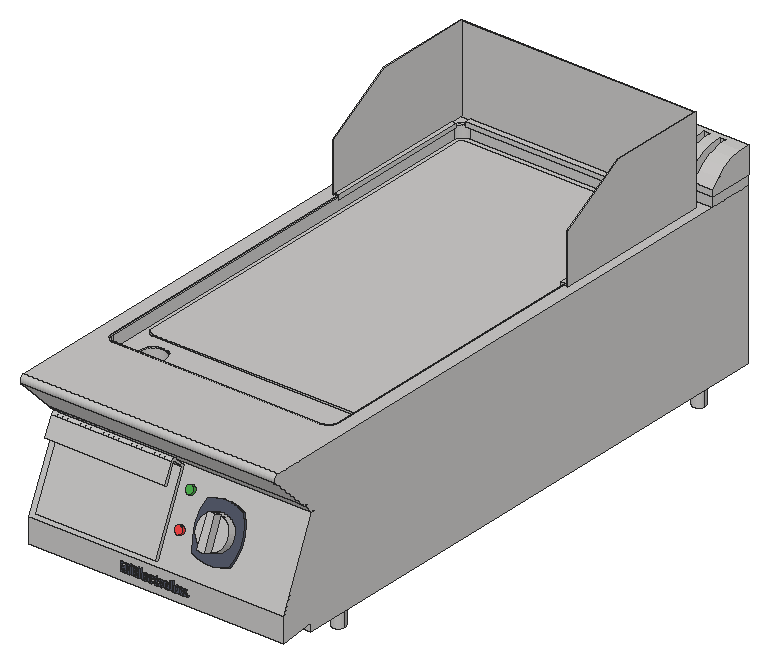
Revit family "QF_ELECTROLUXPROFESSIONAL_391357_E9IINDAOMCA", category Specialty Equipment, Revit 2018 (continued)
Automatic sketch dimensions
  Extrusion 23 sketch curve to Extrusion 23 sketch curve = 0.613 mm
  Extrusion 23 sketch curve to Extrusion 23 sketch curve = 0.361 mm
  Extrusion 23 sketch curve to Extrusion 23 sketch curve = 0.897 mm
  Extrusion 23 sketch curve to Extrusion 23 sketch curve = 0.167 mm
  Extrusion 23 sketch curve to Extrusion 23 sketch curve = 0.292 mm
  Extrusion 23 sketch curve to Extrusion 23 sketch curve = 0.305 mm
  Extrusion 23 sketch curve to Extrusion 23 sketch curve = 1.557 mm
  Extrusion 23 sketch curve to Extrusion 23 sketch curve = 2.499 mm
  Extrusion 23 sketch curve to Extrusion 23 sketch curve = 3.062 mm
  Extrusion 23 sketch curve to Extrusion 23 sketch curve = 2.968 mm
  Extrusion 23 sketch curve to Extrusion 23 sketch curve = 5.044 mm
  Extrusion 23 sketch curve to Extrusion 23 sketch curve = 0.629 mm  (x2)
  Extrusion 23 sketch curve to Extrusion 23 sketch curve = 1.131 mm
  Extrusion 23 sketch curve to Extrusion 23 sketch curve = 0.137 mm
  Extrusion 23 sketch curve to Extrusion 23 sketch curve = 0.027 mm
  Extrusion 23 sketch curve to Extrusion 23 sketch curve = 2.235 mm
  plane 7 "Center Y" to Extrusion 24 sketch curve = 20.046 mm
  plane 7 "Center Y" to Extrusion 25 sketch curve = 20.046 mm
  curve 97 to plane 3 "LEFT" = 0 mm
  curve 4 to plane 9 = 0 mm
  curve 4 to plane 13 = 0 mm
  plane 5 "FRONT" to curve 6 = 0 mm
  curve 6 to plane 7 "Center Y" = 0 mm
  curve 7 to plane 4 "RIGHT" = 0 mm
  plane 5 "FRONT" to curve 3 = 0 mm
  plane 5 "FRONT" to curve 1 = 0 mm
  plane 1 "BACK" to curve 9 = 0 mm
  plane 13 to curve 34 = 4.442 mm
  plane 13 to curve 13 = 11.03 mm
  curve 37 to curve 14 = 6.721 mm
  curve 13 to curve 33 = 3.484 mm
  plane 13 to curve 39 = 18.703 mm
  curve 33 to curve 14 = 6.516 mm
  curve 33 to curve 20 = 6.516 mm
  curve 20 to curve 14 = 5 mm
  curve 12 to curve 12 = 15 mm
  curve 40 to curve 41 = 9.296 mm
  curve 19 to curve 19 = 10 mm
  curve 14 to curve 21 = 5 mm
  curve 12 to curve 96 = 14.849 mm
  curve 38 to curve 42 = 16.193 mm
  curve 42 to curve 45 = 9.296 mm
  curve 95 to curve 96 = 20 mm
  plane 1 "BACK" to curve 48 = 6.761 mm
  curve 43 to curve 48 = 16.193 mm
  curve 47 to curve 47 = 9.296 mm
  plane 1 "BACK" to curve 53 = 6.761 mm
  curve 46 to curve 53 = 16.193 mm
  curve 52 to curve 50 = 9.296 mm
  curve 50 to curve 55 = 16.193 mm
  curve 56 to curve 57 = 9.296 mm
  curve 54 to curve 59 = 16.193 mm
  curve 59 to curve 58 = 9.296 mm
  plane 1 "BACK" to curve 65 = 6.761 mm
  curve 58 to curve 65 = 16.193 mm
  curve 65 to plane 7 "Center Y" = 8.071 mm
  plane 7 "Center Y" to curve 66 = 8.121 mm
  curve 66 to curve 68 = 9.296 mm
  curve 68 to curve 92 = 16.143 mm
  curve 91 to curve 94 = 9.296 mm
  plane 1 "BACK" to curve 87 = 6.761 mm
  curve 93 to curve 87 = 16.193 mm
  curve 87 to curve 88 = 9.296 mm
  plane 1 "BACK" to curve 86 = 6.761 mm
  curve 89 to curve 86 = 16.193 mm
  curve 83 to curve 86 = 9.296 mm
  plane 1 "BACK" to curve 82 = 6.761 mm
  curve 85 to curve 82 = 16.193 mm
  curve 79 to curve 81 = 9.296 mm
  curve 80 to curve 77 = 16.193 mm
  curve 77 to curve 75 = 9.296 mm
  plane 14 to curve 23 = 31.03 mm
  plane 14 to curve 18 = 31.03 mm
  plane 1 "BACK" to curve 74 = 6.761 mm
  curve 75 to curve 74 = 16.193 mm
  plane 14 to curve 17 = 26.03 mm
  curve 22 to curve 15 = 5 mm
  curve 71 to curve 70 = 6.969 mm
  curve 25 to curve 25 = 10 mm
  curve 71 to curve 73 = 9.296 mm
  plane 14 to curve 36 = 14.514 mm
  curve 32 to curve 15 = 3.351 mm
  plane 14 to curve 16 = 11.03 mm
  plane 14 to curve 32 = 4.442 mm
  curve 12 to plane 5 "FRONT" = 137.461 mm
  curve 12 to curve 95 = 18.803 mm
  curve 17 to curve 18 = 55 mm
  plane 8 "Center X" to curve 13 = 129.61 mm
  plane 8 "Center X" to curve 36 = 129.61 mm
  plane 1 "BACK" to curve 21 = 115.406 mm
  curve 14 to curve 21 = 2.133 mm
  curve 15 to curve 22 = 2.133 mm
  curve 20 to curve 37 = 9.865 mm
  curve 15 to curve 35 = 1.998 mm
  curve 31 to curve 14 = 2.318 mm
  curve 14 to curve 27 = 10.007 mm
  curve 26 to curve 97 = 13.54 mm
  curve 31 to curve 39 = 19.479 mm
  curve 93 to curve 87 = 57.15 mm
  curve 38 to curve 42 = 0 mm
  curve 92 to curve 89 = 0 mm
  curve 44 to curve 46 = 0 mm
  curve 88 to curve 85 = 0 mm
  curve 46 to curve 50 = 0 mm
  curve 84 to curve 81 = 0 mm
  curve 50 to curve 54 = 0 mm
  curve 80 to curve 78 = 0 mm
  curve 54 to curve 58 = 0 mm
  curve 29 to curve 73 = 19.479 mm
  curve 58 to curve 62 = 0 mm
  curve 62 to curve 69 = 0 mm
  plane 1 "BACK" to curve 67 = 6.761 mm
  plane 1 "BACK" to curve 38 = 6.761 mm
  plane 1 "BACK" to curve 94 = 6.761 mm
  plane 1 "BACK" to curve 61 = 6.761 mm
  plane 1 "BACK" to curve 75 = 6.761 mm
  plane 1 "BACK" to curve 57 = 6.761 mm
  plane 1 "BACK" to curve 44 = 6.761 mm
  radius of Extrusion 2 sketch curve = 9.525 mm  (x4)
  radius of Extrusion 11 sketch curve = 6.35 mm
  radius of Extrusion 16 sketch curve = 20 mm
  radius of Extrusion 21 sketch curve = 25.4 mm
  radius of Extrusion 22 sketch curve to Extrusion 21 = 0 mm  (x2)
  radius of Extrusion 24 sketch curve = 6.35 mm
  radius of Extrusion 25 sketch curve = 6.35 mm
Connectors
  electrical at (340, -585, 19), driven by "Volts", driven by "Watts"
    settings: on Extrusion 11, index 1, voltage 400 V, apparent load 0 VA, apparent load phase1 0 VA, apparent load phase2 0 VA, apparent load phase3 0 VA, power factor 1, load classification "Other", number of poles 1, system type 30, power factor state 1, is connector primary yes, connector utility no, sub classification motor no, connector description "ELECTRICAL CONNECTION"
